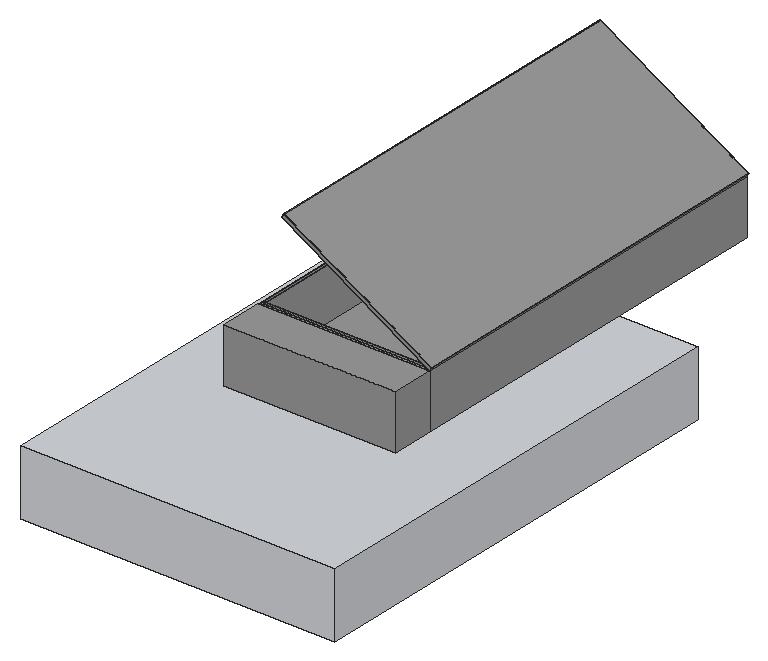
Revit family "Hager-Univers-IP55-D275-H2050-Cl.II-Steel_encl-PT-pt", category Equipement électrique, Revit 2020
Family settings
  Hôte = Face
  Configuration du panneau = Deux colonnes, circuits au sein
  Cote de connecteur circulaire = Utiliser le diamètre
  Type d'élément = Tableau de raccordement
  Couper avec des vides une fois chargée = Non
  Partagée = Non
  Point de calcul de pièce = Non
Parameters (values of type "Instalação de piso IP55 L800 A2050 P275  - FR23S2")
  Width Control [instance] = if([EF000008 - Largura] > Min Width, [EF000008 - Largura], Min Width)  # 800 mm
  Commentaires du type = [HG000003 - Gama]  # "Univers"
  Thickness Door [instance] = if([EF009171 - Espessura do material da porta/tampa] > 3 mm, 3 mm, [EF009171 - Espessura do material da porta/tampa])  # 1.5 mm
  Seal Frame Offset [instance] = 17 mm  # constant formula
  Plinth Visibility [instance] = [HG000027 - Altura da Plinta] > 0 mm  # yes
  Model = ""
  Min Width [instance] = 100 mm  # constant formula
  Min Height [instance] = 100 mm  # constant formula
  Min Depth [instance] = (2 * [EF009170 - Espessura do material do invólucro]) + 1 mm  # 4 mm
  Internal Frame Depth [instance] = (Door System Depth * 0.5)  # 9 mm
  Height Control [instance] = if([EF000040 - Altura] > Min Height, [EF000040 - Altura], Min Height)  # 2050 mm
  HG000027 - Altura da Plinta = 200 mm
  HG000026 - Instalação no chão = yes
  HG000024 - Altura da secção inferior = 800 mm
  HG000023 - Recinto de secção dupla = no
  HG000016 - Visibilidade da porta 3D [instance] = yes
  HG000015 - Visibilidade através da porta [instance] = no
  HG000014 - Porta à direita [instance] = yes
  HG000013 - Porta à esquerda [instance] = not([HG000014 - Porta à direita])  # no
  HG000012 - Ângulo de abertura de porta [instance] = 30.00°
  HG000010 - Portas assimétricas = no
  HG000009 - Porta dupla = no
  HG000006 - Encastrado = no
  HG000004 - Referência do Fabricante = "FR23S2"
  HG000003 - Gama = "Univers"
  HG000002 - Com porta ou tampa = yes
  Frame Offset Bottom [instance] = 10 mm  # constant formula
  Frame Offset [instance] = 15 mm  # constant formula
  EF015940 - Tampa com libertação de sobrepressão = no
  EF011959 - Grau de proteção (NEMA) = ""
  EF009554 - Número de aberturas para placas de flange = 6
  Fabricant = "Hager"  # constant formula
  EF009212 - Tipo de tampa = "EV000116 - Fechado"
  EF009171 - Espessura do material da porta/tampa = 1.5 mm
  EF009170 - Espessura do material do invólucro = 1.5 mm
  EF008873 - Corrente nominal (In) = 800 A
  EF007800 - Adequado para proteção contra raios = no
  EF006306 - Com fecho = no
  EF006244 - Tampa/porta transparente = no
  EF005474 - Grau de proteção (IP) = "EV006420 - IP55"
  EF004464 - Tipo de porta = "EV002646 - Único"
  EF004427 - Número de módulos = 432
  EF004293 - Força de impacto = "EV008784 - IK10"
  EF003532 - Adequado para uso no exterior = no
  EF002950 - Largura em número de módulos = 24
  EF001613 - Integridade do circuito = "EV000494 - Nenhum"
  EF001596 - Material do corpo = "EV000179 - Aço"
  EF001131 - Profundidade interior = 275 mm
  EF001088 - Extensão possível = yes
  EF000437 - Número de entradas de condutores = 6
  EF000339 - Tipo de difusor = "EV004216 - Porta"
  EF000266 - Número de linhas = 12
  EF000218 - Profundidade incorporada = 0 mm
  EF000118 - Com tampa de montagem = no
  EF000116 - Número RAL = "7035"
  EF000049 - Profundidade = 275 mm
  EF000040 - Altura = 2050 mm
  EF000008 - Largura = 800 mm
  EF000007 - Cor = "EV000270 - Cinzento"
  EF000003 - Método de montagem = "EV012274 - Instalação de piso"
  Door System Leaf Tolerance [instance] = 1.5 mm  # constant formula
  Door System Depth [instance] = 18 mm  # constant formula
  Door Height [instance] = Height Control - [HG000027 - Altura da Plinta]  # 1850 mm
  Depth Control [instance] = if([EF000049 - Profundidade] > Min Depth, [EF000049 - Profundidade], Min Depth)  # 275 mm
  Default Elevation = 0 mm
  Connector Offset [instance] = Height Control / 2  # 1025 mm
  Bottom Top Plate Trim [instance] = 1.5 mm  # constant formula
  Plinth height Ctrl [instance] = if([HG000027 - Altura da Plinta] > 0 mm, [HG000027 - Altura da Plinta], 12 mm)  # 200 mm
Types (11, lengths in mm): name | Width Control | HG000010 - Portas assimétricas | HG000009 - Porta dupla | HG000004 - Referência do Fabricante | EF009554 - Número de aberturas para placas de flange | EF006244 - Tampa/porta transparente | EF004464 - Tipo de porta | EF004427 - Número de módulos | EF000437 - Número de entradas de condutores | EF000008 - Largura
  Instalação de piso IP55 L1050 A2050 P275  - FR24L2 | 1050 | yes | yes | "FR24L2" | 8 | yes | "EV003602 - Duplo" | 576 | 8 | 1050
  Instalação de piso IP55 L1050 A2050 P275  - FR24S2 | 1050 | yes | yes | "FR24S2" | 8 | no | "EV003602 - Duplo" | 576 | 8 | 1050
  Instalação de piso IP55 L1300 A2050 P275  - FR25L2 | 1300 | yes | yes | "FR25L2" | 10 | yes | "EV003602 - Duplo" | 720 | 10 | 1300
  Instalação de piso IP55 L1300 A2050 P275  - FR25S2 | 1300 | yes | yes | "FR25S2" | 10 | no | "EV003602 - Duplo" | 720 | 10 | 1300
  Instalação de piso IP55 L1550 A2050 P275  - FR26L2 | 1550 | yes | yes | "FR26L2" | 12 | yes | "EV003602 - Duplo" | 864 | 12 | 1550
  Instalação de piso IP55 L1550 A2050 P275  - FR26S2 | 1550 | yes | yes | "FR26S2" | 12 | no | "EV003602 - Duplo" | 864 | 12 | 1550
  Instalação de piso IP55 L300 A2050 P275  - FR21S2 | 300 | no | no | "FR21S2" | 2 | no | "EV002646 - Único" | 144 | 2 | 300
  Instalação de piso IP55 L550 A2050 P275  - FR22L2 | 550 | no | no | "FR22L2" | 4 | yes | "EV002646 - Único" | 288 | 4 | 550
  Instalação de piso IP55 L550 A2050 P275  - FR22S2 | 550 | no | no | "FR22S2" | 4 | no | "EV002646 - Único" | 288 | 4 | 550
  Instalação de piso IP55 L800 A2050 P275  - FR23L2 | 800 | no | no | "FR23L2" | 6 | yes | "EV002646 - Único" | 432 | 6 | 800
  Instalação de piso IP55 L800 A2050 P275  - FR23S2 | 800 | no | no | "FR23S2" | 6 | no | "EV002646 - Único" | 432 | 6 | 800
Reference planes
  plane 1 "Center (Front/Back)": y = 0
  plane 2: z = 0
  plane 3 "Center (Left/Right)": x = 0
  plane 4: z = 275
  plane 5: y = 201.5
  plane 6: y = 1125
  plane 7: y = 200
  plane 8: y = 2050
  plane 9: z = 0
  plane 10: x = -385
  plane 11: x = 385
  plane 12: x = 383.5
  plane 13: x = -383.5
  plane 14: y = 2048.5
  plane 15: x = -383
  plane 16: x = -400
  plane 17: x = 383
  plane 18: x = 400
  plane 19: x = 398.5
  plane 20: x = -398.5
  plane 21: y = 211.5
  plane 22: y = 2050
  plane 23: y = 2033.5
  plane 24: z = 257
  plane 25: z = 1.5
  plane 26: z = 255.5
  plane 27: z = 273.5
Forms (mm)
  Extrusion 1, solid
    sketch origin (0, 0, 0) x (1, 0, 0) y (0, 1, 0)
      loop
        line (-702.964, 1305) -> (-702.964, -811.445) -> (766.763, -811.445) -> (766.763, 1305) -> (-702.964, 1305)
    from 0 to -304.8
  Extrusion 2, solid, material "Hager_Steel_RAL7035_Light_Grey", visible <- "Plinth Visibility", detail levels medium+fine
    sketch origin (0, 0, 0) x (1, 0, 0) y (0, 1, 0)
      loop
        line (-400, 0) -> (400, 0) -> (400, 200) -> (-400, 200) -> (-400, 0)
    from 0 to 257
  Extrusion 3, solid, material "Hager_Steel_RAL7035_Light_Grey", detail levels medium+fine
    sketch origin (0, 0, 0) x (1, 0, 0) y (0, 1, 0)
      loop
        line (-400, 200) -> (400, 200) -> (400, 2050) -> (-400, 2050) -> (-400, 200)
    from 0 to 257
  Extrusion 4, void
    sketch origin (0, 0, 0) x (1, 0, 0) y (0, 1, 0)
      loop
        line (-398.5, 201.5) -> (398.5, 201.5) -> (398.5, 2048.5) -> (-398.5, 2048.5) -> (-398.5, 201.5)
    from 1.5 to 255.5
  Extrusion 5, void
    sketch origin (-381.607, -4572, 257) x (0, -1, 0) y (-1, 0, 0)
      loop
        line (-4783.5, 1.893) -> (-6605.5, 1.893) -> (-6605.5, -765.107) -> (-4783.5, -765.107) -> (-4783.5, 1.893)
    from 0 to 1.5 <- "EF009170 - Espessura do material do invólucro"
  Extrusion 6, solid, material "Hager_Steel_RAL7035_Light_Grey", detail levels fine
    sketch origin (0, 0, 257) x (1, 0, 0) y (0, 1, 0)
      loop
        line (-383.5, 2033.5) -> (-383.5, 211.5) -> (383.5, 211.5) -> (383.5, 2033.5) -> (-383.5, 2033.5)
      loop
        line (-385, 210) -> (385, 210) -> (385, 2035) -> (-385, 2035) -> (-385, 210)
    from 0 to 9 <- "Internal Frame Depth"
  Extrusion 7, solid, material "Hager_Steel_RAL7035_Light_Grey", detail levels coarse
    sketch origin (0, 0, 0) x (1, 0, 0) y (0, 1, 0)
      loop
        line (-400, 0) -> (400, 0) -> (400, 2050) -> (-400, 2050) -> (-400, 0)
    from 0 to 275
  Sweep 8, void
    path in 3D
      loop
        line (-400, 200, 0) -> (400, 200, 0) -> (400, 200, 257) -> (-400, 200, 257) -> (-400, 200, 0)
    profile origin (-400, 200, 128.5) x (-1, 0, 0) y (0, -1, 0)
      loop
        line (0, 0) -> (0, 1.5) -> (-1.5, 1.5)
        arc (-1.5, 1.5) -> (-1.061, 0.439) -> (0, 0) r 1.5
Cuts and joins
  Extrusion 4, Extrusion 5 cuts Extrusion 3
  Sweep 8 cuts Extrusion 2
Lines and regions (mm)
  Masking region 1
    outline origin (0, 0, 0) x (1, 0, 0) y (0, 0, 1)
      loop
        line (-400, 275) -> (-400, 0) -> (400, 0) -> (400, 275) -> (-400, 275)
  Masking region 2, detail levels medium+fine
    outline origin (0, 140, 0) x (0, 1, 0) y (0, 0, 1)
      loop
        line (60, 0) -> (1910, 0) -> (1910, 257) -> (60, 257) -> (60, 0)
  Masking region 3, not visible, detail levels medium+fine
    outline origin (0, 297.922, 0) x (0, 1, 0) y (0, 0, 1)
      loop
        line (838.578, 0) -> (878.578, 0) -> (878.578, 263.5)
        arc (878.578, 263.5) -> (875.649, 270.571) -> (868.578, 273.5) r 10
        line (868.578, 273.5) -> (838.578, 273.5) -> (838.578, 0)
  Masking region 4, detail levels coarse
    outline origin (0, 0, 180) x (0, 1, 0) y (0, 0, 1)
      loop
        line (0, -180) -> (2050, -180) -> (2050, 95) -> (0, 95) -> (0, -180)
  Masking region 5, visible <- "Plinth Visibility", detail levels medium+fine
    outline origin (0, 52.24, 12.345) x (0, 0, -1) y (0, 1, 0)
      loop
        line (10.845, 147.76) -> (-243.155, 147.76)
        arc (-243.155, 147.76) -> (-243.594, 146.699) -> (-244.655, 146.26) r 1.5
        line (-244.655, 146.26) -> (-244.655, -52.24) -> (12.345, -52.24) -> (12.345, 146.26)
        arc (12.345, 146.26) -> (11.285, 146.699) -> (10.845, 147.76) r 1.5
  Masking region 6, detail levels medium+fine
    outline origin (-381.607, -4572, 257) x (-1, 0, 0) y (0, -1, 0)
      loop
        line (18.393, -6622) -> (18.393, -4772) -> (-781.607, -4772) -> (-781.607, -6622) -> (18.393, -6622)
  Masking region 7, visible <- "Plinth Visibility", detail levels medium+fine
    outline origin (-381.607, -4727, 257) x (-1, 0, 0) y (0, -1, 0)
      loop
        arc (16.893, -4927) -> (17.332, -4925.939) -> (18.393, -4925.5) r 1.5
        line (18.393, -4925.5) -> (18.393, -4727) -> (-781.607, -4727) -> (-781.607, -4925.5)
        arc (-781.607, -4925.5) -> (-780.546, -4925.939) -> (-780.107, -4927) r 1.5
        line (-780.107, -4927) -> (16.893, -4927)
  Masking region 8, detail levels coarse
    outline origin (-442.548, -4669.526, 257) x (-1, 0, 0) y (0, -1, 0)
      loop
        line (-42.548, -6719.526) -> (-42.548, -4669.526) -> (-842.548, -4669.526) -> (-842.548, -6719.526) -> (-42.548, -6719.526)
  sketch lines
    curve 1: line (-400, 200, 257) -> (-400, 200, 0)
    curve 2: line (400, 200, 257) -> (-400, 200, 257)
    curve 3: line (400, 200, 257) -> (400, 200, 0)
    curve 4: line (-400, 200, 0) -> (400, 200, 0)
Dimensions and locks
  "Depth Control": plane 4 to Extrusion 1
  "HG000027 - Altura da Plinta": plane 1 "Center (Front/Back)" to plane 7
  "EF009170 - Espessura do material do invólucro": plane 5 to plane 7
  locked: connector elem to plane 3 "Center (Left/Right)"
  equal spacing: plane 8, plane 6, plane 7
  locked: connector elem to plane 6
  "EF009170 - Espessura do material do invólucro": plane 8 to plane 14
  "EF009170 - Espessura do material do invólucro": plane 10 to plane 13
  "EF009170 - Espessura do material do invólucro": plane 12 to plane 11
  "Frame Offset": plane 20 to plane 13
  "Frame Offset": plane 12 to plane 19
  "EF009170 - Espessura do material do invólucro": plane 16 to plane 20
  "EF009170 - Espessura do material do invólucro": plane 19 to plane 18
  "Seal Frame Offset": plane 16 to plane 15
  "Seal Frame Offset": plane 17 to plane 18
  "Frame Offset Bottom": plane 21 to plane 5
  "Frame Offset": plane 14 to plane 23
  equal spacing: plane 16, plane 3 "Center (Left/Right)", plane 18
  "Width Control": plane 16 to plane 18
  "EF009170 - Espessura do material do invólucro": plane 4 to plane 27
  "EF009170 - Espessura do material do invólucro": plane 24 to plane 26
  "EF009170 - Espessura do material do invólucro": plane 25 to level
  "Door System Depth": plane 4 to plane 24
  "Height Control": plane 1 "Center (Front/Back)" to Extrusion 7 sketch curve
  "Height Control": Masking region 4 sketch curve to plane 1 "Center (Front/Back)"
  "Height Control": plane 1 "Center (Front/Back)" to plane 22
  "Bottom Top Plate Trim": profile plane to Sweep 8 sketch curve
  "Bottom Top Plate Trim": Sweep 8 sketch curve to profile plane
  "Plinth height Ctrl": plane 1 "Center (Front/Back)" to Extrusion 2 sketch curve
  "Plinth height Ctrl": Masking region 5 sketch curve to plane 1 "Center (Front/Back)"
  "Plinth height Ctrl": plane 1 "Center (Front/Back)" to Masking region 7 sketch curve
  "Thickness Door": Extrusion 6 sketch curve to Extrusion 6 sketch curve  (x3)
  "Thickness Door": cut or joined group of Extrusion 3, Extrusion 4, Extrusion 5 to Extrusion 6 sketch curve
  radius of Masking region 3 sketch curve = 10 mm
  "Bottom Top Plate Trim": radius of Masking region 5 sketch curve  (x2)
  "Bottom Top Plate Trim": radius of Sweep 8 sketch curve
  "Bottom Top Plate Trim": radius of Masking region 7 sketch curve  (x2)
  aligned and locked: plane 2 to Extrusion 1
  aligned and locked: level to Extrusion 1
  aligned and locked: level to Masking region 1 sketch curve
  aligned and locked: Masking region 1 sketch curve to plane 18
  aligned and locked: Masking region 1 sketch curve to plane 16
  aligned and locked: plane 7 to Masking region 2 sketch curve
  aligned and locked: level to Masking region 3 sketch curve
  aligned and locked: Masking region 3 sketch curve to plane 27
  aligned and locked: level to Masking region 2 sketch curve
  aligned and locked: plane 1 "Center (Front/Back)" to Extrusion 2 sketch curve
  aligned and locked: Extrusion 3 sketch curve to plane 7
  aligned and locked: plane 16 to Extrusion 3 sketch curve
  aligned and locked: plane 18 to Extrusion 3 sketch curve
  aligned and locked: plane 20 to Extrusion 4 sketch curve
  aligned and locked: plane 19 to Extrusion 4 sketch curve
  aligned and locked: Extrusion 4 sketch curve to plane 5
  aligned and locked: Extrusion 4 to plane 25
  aligned and locked: plane 26 to Extrusion 4
  aligned and locked: plane 24 to Extrusion 3
  aligned and locked: Extrusion 5 sketch curve to plane 21
  aligned and locked: Extrusion 5 sketch curve to plane 13
  aligned and locked: Extrusion 5 sketch curve to plane 12
  aligned and locked: plane 18 to Extrusion 7 sketch curve
  aligned and locked: plane 1 "Center (Front/Back)" to Extrusion 7 sketch curve
  aligned and locked: plane 16 to Extrusion 7 sketch curve
  aligned and locked: plane 4 to Extrusion 7
  aligned and locked: Extrusion 7 to level
  aligned and locked: level to Masking region 4 sketch curve
  aligned and locked: Masking region 4 sketch curve to plane 1 "Center (Front/Back)"
  aligned and locked: Masking region 4 sketch curve to plane 4
  aligned and locked: nested 1 to level
  aligned and locked: nested 1 to plane 16
  aligned and locked: plane 8 to Extrusion 3 sketch curve
  aligned and locked: plane 23 to Extrusion 5 sketch curve
  aligned and locked: plane 14 to Extrusion 4 sketch curve
  aligned and locked: Masking region 2 sketch curve to plane 8
  aligned and locked: level to Masking region 5 sketch curve
  aligned and locked: plane 16 to Extrusion 2 sketch curve
  aligned and locked: plane 18 to Extrusion 2 sketch curve
  aligned and locked: Masking region 5 sketch curve to plane 24
  aligned and locked: Masking region 2 sketch curve to plane 24
  aligned and locked: plane 24 to Extrusion 2
  aligned and locked: profile plane to Sweep 8 sketch curve  (x2)
  aligned and locked: Masking region 6 sketch curve to plane 18
  aligned and locked: Masking region 6 sketch curve to plane 22
  aligned and locked: Masking region 6 sketch curve to plane 16
  aligned and locked: plane 8 to plane 22
  aligned and locked: Masking region 6 sketch curve to plane 7
  aligned and locked: Masking region 7 sketch curve to plane 16
  aligned and locked: Masking region 7 sketch curve to plane 1 "Center (Front/Back)"
  aligned and locked: Masking region 7 sketch curve to plane 18
  aligned and locked: Masking region 8 sketch curve to plane 1 "Center (Front/Back)"
  aligned and locked: Masking region 8 sketch curve to plane 18
  aligned and locked: Masking region 8 sketch curve to plane 22
  aligned and locked: Masking region 8 sketch curve to plane 16
  aligned and locked: nested 2 to plane 7
  aligned and locked: plane 3 "Center (Left/Right)" to nested 2
  aligned and locked: nested 2 to plane 24
  aligned and locked: Extrusion 6 sketch curve to cut or joined group of Extrusion 3, Extrusion 4, Extrusion 5  (x4)
Automatic sketch dimensions
  Extrusion 1 sketch curve to Extrusion 1 sketch curve = 1469.727 mm
  Extrusion 1 sketch curve to Extrusion 1 sketch curve = 2116.445 mm
  Masking region 1 sketch curve to plane 4 = 0 mm
  plane 6 to Masking region 3 sketch curve = 11.5 mm
  Masking region 3 sketch curve to Masking region 3 sketch curve = 30 mm
  Masking region 5 sketch curve to plane 1 "Center (Front/Back)" = 0 mm
Nested families
  nested 1: "Hager_Enclosure_Symbol" at (-400, 0, 0) x (1, 0, 0) z (0, -1, 0), Height <- "Depth Control", Width <- "Width Control", type "Hager_Enclosure_Symbol"
    with Width_Ctrl 800 mm, Width 800 mm, Height_Ctrl 275 mm, Height 275 mm, A_Width_Int 18.047 mm, A_Width 216.562 mm, A_Height_Ctrl 240.625 mm, A_Height 240.625 mm
  nested 2: "EC000058_Univers_Door" at (0, 200, 257) x (1, 0, 0) z (0, 1, 0), Leaf_Tolerance <- "Door System Leaf Tolerance", Angle <- "HG000012 - Ângulo de abertura de porta", Door_Depth <- "Door System Depth", Door_Left <- "HG000013 - Porta à esquerda", Transparent <- "EF006244 - Tampa/porta transparente", Assymetrical <- "HG000010 - Portas assimétricas", Width <- "Width Control", Clearance <- "HG000015 - Visibilidade através da porta", Double <- "HG000009 - Porta dupla", 3d_Door <- "HG000016 - Visibilidade da porta 3D", Lock_Visibility <- "EF006306 - Com fecho", Width_Ctrl <- "Width Control", Door_Right <- "HG000014 - Porta à direita", Door <- "HG000002 - Com porta ou tampa", Height <- "Door Height", Thickness <- "Thickness Door", type "EC000058_Univers_Door", detail levels medium+fine
    with min_wh 4 mm, Width_Ctrl 800 mm, Width 800 mm, Transparent no, Thickness 1.5 mm, Seal_Material Hager_Rubber, Lock_Visibility no, Lock_Material Hager_Plastic_RAL9005_Jet_Black, Leaf_Width 800 mm, Leaf_Tolerance_External_Sides 0 mm, Leaf_Tolerance 1.5 mm, Leaf_Offset 0 mm, Leaf_Height 1847 mm, Leaf_2_Width 800 mm, Leaf_2_Offset 400 mm, Leaf_1_Width 800 mm, Leaf_1_Offset 400 mm, Height_Ctrl 1850 mm, Height 1850 mm, Glass_Material Hager_Glass, Double_Clearance_Ctrl no, Double no, Door_Right_Ctrl yes, Door_Right yes, Door_Material Hager_Steel_RAL7035_Light_Grey, Door_Left_Ctrl no, Door_Left no, Door_Depth 18 mm, Door yes, Clearance_Material Hager_Clearance, Clearance_Depth 800 mm, Clearance_Ctrl no, Clearance no, Assymetrical no, Angle 30.00°, 3d_Door yes
Connectors
  electrical at (0, 1125, 0)
    settings: on plane 9, index 1, voltage 0 V, apparent load 0 VA, apparent load phase1 0 VA, apparent load phase2 0 VA, apparent load phase3 0 VA, power factor 1, load classification "Other", number of poles 1, system type 30, power factor state 1, is connector primary yes, connector utility no, sub classification motor no, connector description ""
Definition of nested family "EC000058_Univers_Door"
  Parameters (values of type "EC000058_Univers_Door")
    min_wh [instance] = (2 * Thickness) + 1 mm  # 11 mm
    Width_Ctrl [instance] = 400 mm
    Width [instance] = 500 mm
    Transparent [instance] = yes
    Thickness [instance] = 5 mm
    Seal_Material [instance] = none
    Lock_Visibility [instance] = yes
    Lock_Material [instance] = none
    Leaf_Width [instance] = if((Width_Ctrl - 2 * Leaf_Tolerance_External_Sides) > 0 mm, (Width_Ctrl - 2 * Leaf_Tolerance_External_Sides), min_wh)  # 400 mm
    Leaf_Tolerance_External_Sides [instance] = 0 mm  # constant formula
    Leaf_Tolerance [instance] = 1.5 mm
    Leaf_Offset [instance] = 0 mm  # constant formula
    Leaf_Height [instance] = if((Height_Ctrl - 2 * Leaf_Tolerance) > 0 mm, (Height_Ctrl - 2 * Leaf_Tolerance), min_wh)  # 497 mm
    Leaf_2_Width [instance] = if(and(and(Double, Assymetrical), Door_Left), (Leaf_Width / 3) - (Leaf_Tolerance / 2), if(and(and(Double, Assymetrical), Door_Right), (Leaf_Width / 3) * 2 - (Leaf_Tolerance / 2), if(and(Double, not(Assymetrical)), (Leaf_Width / 2) - Leaf_Tolerance, Leaf_Width)))  # 400 mm
    Leaf_2_Offset [instance] = if(and(Double, Assymetrical), Leaf_2_Width / 2, if(and(Double, not(Assymetrical)), Leaf_Width / 4, Leaf_Width / 2))  # 200 mm
    Leaf_1_Width [instance] = if(and(and(Double, Assymetrical), Door_Right), (Leaf_Width / 3) - (Leaf_Tolerance / 2), if(and(and(Double, Assymetrical), Door_Left), (Width / 3) * 2 - (Leaf_Tolerance / 2), if(and(Double, not(Assymetrical)), (Leaf_Width / 2) - Leaf_Tolerance, Leaf_Width)))  # 400 mm
    Leaf_1_Offset [instance] = if(and(Double, Assymetrical), Leaf_1_Width / 2, if(and(Double, not(Assymetrical)), Leaf_Width / 4, Leaf_Width / 2))  # 200 mm
    Height_Ctrl [instance] = if(Height > min_wh, Height, min_wh)  # 500 mm
    Height [instance] = 500 mm
    Glass_Material [instance] = none
    Double_Clearance_Ctrl [instance] = and(Double, Clearance)  # no
    Double [instance] = no
    Door_Right_Ctrl [instance] = and(or(Door_Right, Double), Door)  # yes
    Door_Right [instance] = yes
    Door_Material [instance] = none
    Door_Left_Ctrl [instance] = and(or(Door_Left, Double), Door)  # no
    Door_Left [instance] = no
    Door_Depth [instance] = 30 mm
    Door [instance] = yes
    Default Elevation = 1219.2 mm
    Clearance_Material [instance] = none
    Clearance_Depth [instance] = if(Leaf_1_Width > Leaf_2_Width, Leaf_1_Width, Leaf_2_Width)  # 400 mm
    Clearance_Ctrl [instance] = and(not(Double), Clearance)  # yes
    Clearance [instance] = yes
    Assymetrical [instance] = yes
    Angle [instance] = 30.00°
    3d_Door [instance] = yes
  Reference planes
    plane 1 "Center (Front/Back)": y = 0
    plane 2 "Bottom": z = 0
    plane 3 "Center (Left/Right)": x = 0
    plane 4: z = 500
    plane 5: x = -200
    plane 6: x = 200
    plane 7: z = 500
    plane 8: x = -200
    plane 9: z = 0
    plane 10: x = 200
    plane 11: y = 0
    plane 12: z = 1.5
    plane 13: x = -600
    plane 14: y = -400
    plane 15: x = 600
    plane 16: x = 0
    plane 17: x = 0
    plane 18: x = -200
    plane 19: x = 200
    plane 20: z = 498.5
  Forms (mm)
    Extrusion 1, solid, material <- "Clearance_Material", visible <- "Double_Clearance_Ctrl"
      sketch origin (1200, 0, 0) x (1, 0, 0) y (0, 0, -1)
        loop
          line (-1800, -498.5) -> (-600, -498.5) -> (-600, 0) -> (-1800, 0) -> (-1800, -498.5)
      from 0 to -400
  Dimensions and locks
    equal spacing: plane 5, plane 3 "Center (Left/Right)", plane 6
    "Width_Ctrl": plane 5 to plane 6
    "Leaf_Offset": plane 5 to plane 8
    "Leaf_Offset": plane 6 to plane 10
    "Leaf_Offset": plane 9 to level
    "Leaf_Offset": plane 4 to plane 7
    "Height_Ctrl": plane 4 to level
    "Leaf_Tolerance": plane 12 to plane 9
    locked: plane 11 to plane 1 "Center (Front/Back)"
    "Leaf_1_Offset": plane 18 to plane 16
    "Leaf_2_Offset": plane 17 to plane 19
    "Leaf_1_Width": plane 13 to plane 8
    "Leaf_2_Width": plane 10 to plane 15
    "Clearance_Depth": plane 14 to plane 1 "Center (Front/Back)"
    "Leaf_Tolerance_External_Sides": plane 8 to plane 18
    "Leaf_Tolerance_External_Sides": plane 19 to plane 10
    "Leaf_Tolerance": plane 7 to plane 20
    aligned and locked: level to plane 2 "Bottom"
    aligned and locked: nested 1 to plane 16
    aligned and locked: nested 2 to plane 17
    aligned and locked: Extrusion 1 to plane 13
    aligned and locked: plane 15 to Extrusion 1
    aligned and locked: Extrusion 1 to plane 14
    aligned and locked: plane 12 to nested 1
    aligned and locked: nested 2 to plane 12
    aligned and locked: Extrusion 1 to plane 11
    aligned and locked: plane 20 to Extrusion 1
    aligned and locked: nested 2 to plane 11
    aligned and locked: nested 1 to plane 11
  Automatic sketch dimensions
    Extrusion 1 sketch curve to level = 0 mm
    plane 5 to Extrusion 1 sketch curve = 400 mm
    plane 6 to Extrusion 1 sketch curve = 400 mm
    Extrusion 1 sketch curve to plane 4 = 1.5 mm
  Nested families
    nested 1: "EC000058_Univers_Door_Leaf" at (0, 0, 1.5), Width <- "Leaf_1_Width", visible <- "Door_Left_Ctrl", Leaf_Height <- "Leaf_Height", Angle <- "Angle", 3d_Door <- "3d_Door", Transparent <- "Transparent", Clearance Material <- "Clearance_Material", Clearance <- "Clearance_Ctrl", Door_Material <- "Door_Material", Glass_Material <- "Glass_Material", Door_Depth <- "Door_Depth", Lock_Material <- "Lock_Material", Seal_Material <- "Seal_Material", Lock_Visibility <- "Lock_Visibility", Thickness <- "Thickness", type "EC000058_Univers_Door_Leaf"
      with Width 400 mm, Transparent_Glass_Offset 30 mm, Transparent_Ctrl yes, Transparent yes, Thickness 5 mm, Standard no, Seal_Material none, Seal_D2 8 mm, Seal_D1 1 mm, Offset_Internal_Frame 10 mm, Lock_Width 20 mm, Lock_Visibility_3d yes, Lock_Visibility yes, Lock_Thickness_3 3 mm, Lock_Thickness_2 1 mm, Lock_Thickness_1 3 mm, Lock_Radius_Offset_2 16 mm, Lock_Radius_Offset_1 15 mm, Lock_Radius_2 5 mm, Lock_Radius 6 mm, Lock_Offset 5 mm, Lock_Material none, Lock_Height 80 mm, Lock_Cover_Top_Offset_2d 17 mm, Lock_Cover_Height -65 mm, Leaf_Height 497 mm, Internal_Seal_Thickness 8 mm, Internal_Seal_Depth_2 4.5 mm, Internal_Frame_Depth 25 mm, Glass_Thickness -1 mm, Glass_Offset -2 mm, Glass_Material none, Door_Material none, Door_Depth 30 mm, Clearance Material none, Clearance yes, Angle_Ctrl 30.00°, Angle 30.00°, 3d_Door yes
    nested 2: "EC000058_Univers_Door_Leaf" at (0, 0, 1.5) x (-1, 0, 0) z (0, 0, 1), Width <- "Leaf_2_Width", visible <- "Door_Right_Ctrl", Leaf_Height <- "Leaf_Height", Angle <- "Angle", 3d_Door <- "3d_Door", Transparent <- "Transparent", Clearance Material <- "Clearance_Material", Clearance <- "Clearance_Ctrl", Door_Material <- "Door_Material", Glass_Material <- "Glass_Material", Door_Depth <- "Door_Depth", Lock_Material <- "Lock_Material", Seal_Material <- "Seal_Material", Lock_Visibility <- "Lock_Visibility", Thickness <- "Thickness", type "EC000058_Univers_Door_Leaf"
      with Width 400 mm, Transparent_Glass_Offset 30 mm, Transparent_Ctrl yes, Transparent yes, Thickness 5 mm, Standard no, Seal_Material none, Seal_D2 8 mm, Seal_D1 1 mm, Offset_Internal_Frame 10 mm, Lock_Width 20 mm, Lock_Visibility_3d yes, Lock_Visibility yes, Lock_Thickness_3 3 mm, Lock_Thickness_2 1 mm, Lock_Thickness_1 3 mm, Lock_Radius_Offset_2 16 mm, Lock_Radius_Offset_1 15 mm, Lock_Radius_2 5 mm, Lock_Radius 6 mm, Lock_Offset 5 mm, Lock_Material none, Lock_Height 80 mm, Lock_Cover_Top_Offset_2d 17 mm, Lock_Cover_Height -65 mm, Leaf_Height 497 mm, Internal_Seal_Thickness 8 mm, Internal_Seal_Depth_2 4.5 mm, Internal_Frame_Depth 25 mm, Glass_Thickness -1 mm, Glass_Offset -2 mm, Glass_Material none, Door_Material none, Door_Depth 30 mm, Clearance Material none, Clearance yes, Angle_Ctrl 30.00°, Angle 30.00°, 3d_Door yes
  Definition of nested family "EC000058_Univers_Door_Leaf"
    Parameters (values of type "EC000058_Univers_Door_Leaf")
      Width [instance] = 2000 mm
      Transparent_Glass_Offset [instance] = 30 mm
      Transparent_Ctrl [instance] = and(Transparent, [3d_Door])  # yes
      Transparent [instance] = yes
      Thickness [instance] = 5 mm
      Standard [instance] = and(not(Transparent), [3d_Door])  # no
      Seal_Material [instance] = none
      Seal_D2 [instance] = 8 mm  # constant formula
      Seal_D1 [instance] = 1 mm  # constant formula
      Offset_Internal_Frame [instance] = 10 mm  # constant formula
      Lock_Width [instance] = 20 mm  # constant formula
      Lock_Visibility_3d [instance] = and(Lock_Visibility, [3d_Door])  # yes
      Lock_Visibility [instance] = yes
      Lock_Thickness_3 [instance] = 3 mm  # constant formula
      Lock_Thickness_2 [instance] = 1 mm  # constant formula
      Lock_Thickness_1 [instance] = 3 mm  # constant formula
      Lock_Radius_Offset_2 [instance] = Lock_Radius_Offset_1 + 1 mm  # 16 mm
      Lock_Radius_Offset_1 [instance] = 15 mm  # constant formula
      Lock_Radius_2 [instance] = Lock_Radius - 1 mm  # 5 mm
      Lock_Radius [instance] = 6 mm  # constant formula
      Lock_Offset [instance] = 5 mm  # constant formula
      Lock_Material [instance] = none
      Lock_Height [instance] = 80 mm  # constant formula
      Lock_Cover_Top_Offset_2d [instance] = Lock_Radius_Offset_2 + 1 mm  # 17 mm
      Lock_Cover_Height [instance] = -(Lock_Height - Lock_Radius_Offset_1)  # -65 mm
      Leaf_Height [instance] = 2720.336 mm
      Internal_Seal_Thickness [instance] = 8 mm  # constant formula
      Internal_Seal_Depth_2 [instance] = 4.5 mm  # constant formula
      Internal_Frame_Depth [instance] = if(Door_Depth - Thickness > 5 mm, Door_Depth - Thickness, 5 mm)  # 25 mm
      Glass_Thickness [instance] = if(Thickness > 15 mm, Glass_Offset + 10 mm, -1 mm)  # -1 mm
      Glass_Offset [instance] = if(Thickness > 15 mm, -(Thickness + 10 mm) / 2, -2 mm)  # -2 mm
      Glass_Material [instance] = none
      Door_Material [instance] = none
      Door_Depth [instance] = 30 mm
      Default Elevation = 0 mm
      Clearance Material [instance] = none
      Clearance [instance] = yes
      Angle_Ctrl [instance] = if(Angle > 180.00°, 180.00°, Angle)  # 90.00°
      Angle [instance] = 90.00°
      3d_Door [instance] = yes
    Reference planes
      plane 1 "Center (Front/Back)": y = 0
      plane 2: z = 0
      plane 3 "Center (Left/Right)": x = 0
      plane 4: y = 2000
      plane 5: x = -1000
      plane 6: x = 1000
      plane 7: x = -3000
      plane 8: z = 2720.336
      plane 9: z = 30
      plane 10: z = 2690.336
      plane 11: x = 970
      plane 12: x = -970
      plane 13: y = -3
      plane 14: z = 107.833
      plane 15: y = -5
      plane 16: y = -223.314
      plane 17: x = -1000
      plane 18: z = 1360.168
      plane 19: y = 30
    Forms (mm)
      Extrusion 1, solid, material <- "Clearance Material", visible <- "Clearance"
        sketch origin (0, 0, 0) x (1, 0, 0) y (0, 0, 1)
          loop
            line (-3000, 2720.336) -> (-3000, 0) -> (1000, 0) -> (1000, 2720.336) -> (-3000, 2720.336)
        from 0 to -2000
      Extrusion 2, solid, material <- "Door_Material", visible <- "Standard", detail levels medium+fine
        sketch origin (-1000, 0, 0) x (0, 1, 0) y (-1, 0, 0)
          loop
            line (0, 30) -> (0, 25) -> (2000, 25) -> (2000, 30) -> (0, 30)
        from 0 to 2720.336 <- "Leaf_Height"
      Extrusion 3, solid, material <- "Door_Material", visible <- "Transparent_Ctrl", detail levels medium+fine
        sketch origin (-1000, 0, 0) x (0, 1, 0) y (-1, 0, 0)
          loop
            line (0, 25) -> (2000, 25) -> (2000, 30) -> (0, 30) -> (0, 25)
        from 0 to 2720.336 <- "Leaf_Height"
      Extrusion 4, void
        sketch origin (-1025, 2000, 0) x (0, 1, 0) y (0, 0, -1)
          loop
            line (-30, -2690.336) -> (-30, -30) -> (-1970, -30) -> (-1970, -2690.336) -> (-30, -2690.336)
        from 0 to 5 <- "Thickness"
      Sweep 5, solid, material <- "Seal_Material", visible <- "Transparent_Ctrl", detail levels fine
        path in 3D
          loop
            line (-1025, 30, 30) -> (-1025, 30, 2690.336) -> (-1025, 1970, 2690.336) -> (-1025, 1970, 30) -> (-1025, 30, 30)
        profile origin (-1025, 1000, 30) x (1, 0, 0) y (0, 0, 1)
          loop
            line (0, 0) -> (0, -8) -> (1, -8) -> (1, 0) -> (0, 0)
      Extrusion 6, solid, material <- "Glass_Material", visible <- "Transparent_Ctrl", detail levels medium+fine
        sketch origin (-1030, 0, 0) x (0, 1, 0) y (0, 0, -1)
          loop
            line (1970, -2690.336) -> (1970, -30) -> (30, -30) -> (30, -2690.336) -> (1970, -2690.336)
        from -2 <- "Glass_Offset" to -1 <- "Glass_Thickness"
      Extrusion 7, solid, material <- "Door_Material", visible <- "3d_Door", detail levels medium+fine
        sketch origin (-1025, 2000, 0) x (0, -1, 0) y (0, 0, -1)
          loop
            line (0, -2720.336) -> (2000, -2720.336) -> (2000, 0) -> (0, 0) -> (0, -2720.336)
          loop
            line (1995, -5) -> (5, -5) -> (5, -2715.336) -> (1995, -2715.336) -> (1995, -5)
        from 0 to 25 <- "Internal_Frame_Depth"
      Sweep 8, solid, material <- "Seal_Material", visible <- "Transparent_Ctrl", detail levels fine
        path in 3D
          loop
            line (-1025, 0, 0) -> (-1025, 2000, 0) -> (-1025, 2000, 2720.336) -> (-1025, 0, 2720.336) -> (-1025, 0, 0)
        profile origin (-1025, 0, 1360.168) x (1, 0, 0) y (0, 1, 0)
          loop
            line (0, 10) -> (2.975, 10)
            arc (2.975, 10) -> (4.053, 10.447) -> (4.5, 11.525) r 1.525
            line (4.5, 11.525) -> (4.5, 16.527)
            arc (4.5, 16.527) -> (4.069, 17.569) -> (3.027, 18) r 1.473
            line (3.027, 18) -> (0, 18) -> (0, 10)
      Extrusion 9, solid, material <- "Lock_Material", visible <- "Lock_Visibility_3d", detail levels fine
        sketch origin (-1030, 0, 0) x (0, 1, 0) y (0, 0, -1)
          loop
            arc (1993.5, -1400.168) -> (1994.561, -1399.729) -> (1995, -1398.668) r 1.5
            line (1995, -1398.668) -> (1995, -1320.168) -> (1975, -1320.168) -> (1975, -1398.668)
            arc (1975, -1398.668) -> (1975.439, -1399.729) -> (1976.5, -1400.168) r 1.5
            line (1976.5, -1400.168) -> (1993.5, -1400.168)
        from 3 <- "Lock_Thickness_1" to 0
      Blend 10, solid, material <- "Lock_Material", visible <- "Lock_Visibility_3d", detail levels fine
        base sketch origin (-1033, 0, 0) x (0, 1, 0) y (0, 0, -1)
          loop
            line (1975, -1320.168) -> (1975, -1398.668)
            arc (1975, -1398.668) -> (1975.439, -1399.729) -> (1976.5, -1400.168) r 1.5
            line (1976.5, -1400.168) -> (1993.5, -1400.168)
            arc (1993.5, -1400.168) -> (1994.561, -1399.729) -> (1995, -1398.668) r 1.5
            line (1995, -1398.668) -> (1995, -1320.168) -> (1975, -1320.168)
        top sketch origin (-1033, 0, 0) x (0, 1, 0) y (0, 0, -1)
          loop
            line (1976, -1320.168) -> (1976, -1398.668)
            arc (1976, -1398.668) -> (1976.146, -1399.022) -> (1976.5, -1399.168) r 0.5
            line (1976.5, -1399.168) -> (1993.5, -1399.168)
            arc (1993.5, -1399.168) -> (1993.854, -1399.022) -> (1994, -1398.668) r 0.5
            line (1994, -1398.668) -> (1994, -1320.168) -> (1976, -1320.168)
        from 0 to 1 <- "Lock_Thickness_2"
      Blend 11, solid, material <- "Lock_Material", visible <- "Lock_Visibility_3d", detail levels fine
        base sketch origin (-1034, 0, 0) x (0, 1, 0) y (0, 0, -1)
          loop
            line (1978, -1320.168) -> (1978, -1384.168)
            arc (1978, -1384.168) -> (1985, -1391.168) -> (1992, -1384.168) r 7
            line (1992, -1384.168) -> (1992, -1320.168) -> (1978, -1320.168)
        top sketch origin (-1034, 0, 0) x (0, 1, 0) y (0, 0, -1)
          loop
            line (1991, -1320.168) -> (1979, -1320.168) -> (1979, -1383.168)
            arc (1979, -1383.168) -> (1985, -1389.168) -> (1991, -1383.168) r 6
            line (1991, -1383.168) -> (1991, -1320.168)
        from 0 to 3 <- "Lock_Thickness_3"
      Extrusion 12, solid, material <- "Lock_Material", visible <- "Lock_Visibility_3d", detail levels fine
        sketch origin (-1030, 1975, 1320.168) x (1, 0, 0) y (0, -1, 0)
          loop
            line (-7, -19) -> (-7, -1) -> (0, -1) -> (0, 0) -> (-8, 0) -> (-8, -20) -> (0, -20) -> (0, -19) -> (-7, -19)
        from 0 to -65 <- "Lock_Cover_Height"
      Extrusion 13, void
        sketch origin (-1038, 1995, 1320.168) x (-1, 0, 0) y (0, 0, -1)
          loop
            line (-5, -65) -> (0, -65) -> (-5, -60) -> (-5, -65)
        from 0 to 20 <- "Lock_Width"
      Extrusion 14, void
        sketch origin (-1038, 1975, 1320.168) x (0, -1, 0) y (0, 0, -1)
          loop
            circle (-10, -15.995) r 6
          loop
            circle (-10, -15.995) r 5
        from 0 to 2
      Extrusion 15, solid, material <- "Lock_Material", visible <- "Lock_Visibility_3d", detail levels medium
        sketch origin (-1030, 0, 0) x (0, 1, 0) y (0, 0, -1)
          loop
            arc (1993.5, -1400.168) -> (1994.561, -1399.729) -> (1995, -1398.668) r 1.5
            line (1995, -1398.668) -> (1995, -1320.168) -> (1975, -1320.168) -> (1975, -1398.668)
            arc (1975, -1398.668) -> (1975.439, -1399.729) -> (1976.5, -1400.168) r 1.5
            line (1976.5, -1400.168) -> (1993.5, -1400.168)
        from 8 to 0
    Cuts and joins
      Extrusion 4 cuts Extrusion 3
      Extrusion 13, Extrusion 14 cuts Extrusion 9
      Extrusion 14 cuts Blend 11
      Extrusion 13, Extrusion 14 cuts Extrusion 12
      joined: Extrusion 9, Blend 10, Blend 11, Extrusion 12
      Extrusion 14 cuts Extrusion 15
    Lines and regions (mm)
      Masking region 1, visible <- "Lock_Visibility", detail levels fine
        outline origin (0, 0, 0) x (0, 1, 0) y (0, 0, 1)
          loop
            line (30, 1320.168) -> (33, 1320.168) -> (33, 1400.168) -> (30, 1400.168) -> (30, 1320.168)
      Masking region 2, visible <- "Lock_Visibility", detail levels fine
        outline origin (0, 3.143, 0) x (0, 1, 0) y (0, 0, 1)
          loop
            line (29.857, 1354.168) -> (30.857, 1354.168) -> (30.857, 1366.168) -> (29.857, 1366.168) -> (29.857, 1354.168)
      Masking region 3, detail levels medium+fine
        outline origin (0, 0, 0) x (0, 1, 0) y (0, 0, 1)
          loop
            line (0, 0) -> (30, 0) -> (30, 2720.336) -> (0, 2720.336) -> (0, 0)
      Masking region 4, detail levels medium+fine
        outline origin (0, 0, 0) x (1, 0, 0) y (0, 0, 1)
          loop
            line (-1000, 2720.336) -> (-1000, 0) -> (1000, 0) -> (1000, 2720.336) -> (-1000, 2720.336)
      Masking region 5, visible <- "Lock_Visibility", detail levels fine
        outline origin (-47.116, 0, 0) x (1, 0, 0) y (0, 0, 1)
          loop
            arc (1024.616, 1399.168) -> (1023.556, 1398.729) -> (1023.116, 1397.668) r 1.5
            line (1023.116, 1397.668) -> (1023.116, 1320.168) -> (1041.116, 1320.168) -> (1041.116, 1397.668)
            arc (1041.116, 1397.668) -> (1040.677, 1398.729) -> (1039.616, 1399.168) r 1.5
            line (1039.616, 1399.168) -> (1024.616, 1399.168)
      Masking region 6, visible <- "Lock_Visibility", detail levels medium+fine
        outline origin (-25, 0, 0) x (1, 0, 0) y (0, 0, 1)
          loop
            arc (1001.5, 1400.168) -> (1000.439, 1399.729) -> (1000, 1398.668) r 1.5
            line (1000, 1398.668) -> (1000, 1320.168) -> (1020, 1320.168) -> (1020, 1398.668)
            arc (1020, 1398.668) -> (1019.561, 1399.729) -> (1018.5, 1400.168) r 1.5
            line (1018.5, 1400.168) -> (1001.5, 1400.168)
      Masking region 7, visible <- "Lock_Visibility", detail levels fine
        outline origin (-73.735, 0, 0) x (1, 0, 0) y (0, 0, 1)
          loop
            line (1051.735, 1382.168) -> (1065.735, 1382.168) -> (1065.735, 1384.168)
            arc (1065.735, 1384.168) -> (1058.735, 1391.168) -> (1051.735, 1384.168) r 7
            line (1051.735, 1384.168) -> (1051.735, 1382.168)
      Masking region 8, visible <- "Lock_Visibility", detail levels fine
        outline origin (-73.735, 0, 0) x (1, 0, 0) y (0, 0, 1)
          loop
            line (1052.735, 1382.168) -> (1064.735, 1382.168) -> (1064.735, 1383.168)
            arc (1064.735, 1383.168) -> (1058.735, 1389.168) -> (1052.735, 1383.168) r 6
            line (1052.735, 1383.168) -> (1052.735, 1382.168)
      Masking region 9, visible <- "Lock_Visibility", detail levels fine
        outline origin (-25, 0, 0) x (1, 0, 0) y (0, 0, 1)
          loop
            line (1020, 1320.168) -> (1020, 1382.168) -> (1000, 1382.168) -> (1000, 1320.168) -> (1020, 1320.168)
      Masking region 10, detail levels medium+fine
        outline origin (0, 0, 0) x (1, 0, 0) y (0, 0, 1)
          loop
            circle (985, 1335.144) r 6
      Masking region 11, detail levels fine
        outline origin (0, 0, 0) x (1, 0, 0) y (0, 0, 1)
          loop
            circle (985, 1335.144) r 5
      Masking region 12, visible <- "Lock_Visibility", detail levels fine
        outline origin (0, 12.767, 0) x (0, 1, 0) y (0, 0, 1)
          loop
            line (20.233, 1320.168) -> (21.233, 1320.168) -> (21.233, 1399.168) -> (20.233, 1400.168) -> (20.233, 1320.168)
      Masking region 13, visible <- "Lock_Visibility", detail levels fine
        outline origin (0, 13.767, -10) x (0, 1, 0) y (0, 0, 1)
          loop
            line (20.233, 1330.168) -> (23.233, 1330.168) -> (23.233, 1399.168) -> (20.233, 1402.168) -> (20.233, 1330.168)
      Masking region 14, visible <- "Lock_Visibility", detail levels fine
        outline origin (0, 12.767, -10) x (0, 1, 0) y (0, 0, 1)
          loop
            line (20.233, 1330.168) -> (25.233, 1330.168) -> (25.233, 1399.305) -> (20.233, 1394.305) -> (20.233, 1330.168)
      Masking region 15, visible <- "Lock_Visibility", detail levels medium
        outline origin (0, 0, 0) x (0, 1, 0) y (0, 0, 1)
          loop
            line (30, 1320.168) -> (38, 1320.168) -> (38, 1400.168) -> (30, 1400.168) -> (30, 1320.168)
      Masking region 16, visible <- "Lock_Visibility", detail levels fine
        outline origin (-1000, 0, 0) x (0, 1, 0) y (-1, 0, 0)
          loop
            line (1975, 30) -> (1995, 30) -> (1995, 38) -> (1975, 38) -> (1975, 30)
          loop
            line (1979, 37) -> (1976, 37) -> (1976, 34) -> (1978, 34) -> (1979, 37)
          loop
            line (1994, 37) -> (1991, 37) -> (1992, 34) -> (1994, 34) -> (1994, 37)
      Masking region 17, visible <- "Lock_Visibility", detail levels medium
        outline origin (-1000, 0, 0) x (0, 1, 0) y (-1, 0, 0)
          loop
            line (1975, 30) -> (1995, 30) -> (1995, 38) -> (1975, 38) -> (1975, 30)
      symbolic lines
        curve 1: line (1000, 0, 0) -> (-3000, 0, 0)
        curve 2: arc (1000, 0, 0) -> (-1000, 2000, 0) -> (-3000, 0, 0) r 2000
        curve 4: line (-1030, 0, 0) -> (-1030, 2000, 0)
      reference lines
        curve 3: line (-1000, 0, 0) -> (-1000, 2000, 0)
      symbolic lines, detail levels medium+fine
        curve 5: line (-1030, 2000, 0) -> (-1025, 2000, 0)
        curve 7: line (-1025, 0, 0) -> (-1030, 0, 0)
        curve 8: line (-1025, 0, 0) -> (-1000, 0, 0)
        curve 9: line (-1000, 0, 0) -> (-1000, 2000, 0)
        curve 10: line (-1000, 2000, 0) -> (-1025, 2000, 0)
      symbolic lines, detail levels fine
        curve 6: line (-1025, 2000, 0) -> (-1025, 0, 0)
      sketch lines
        curve 11: line (-1025, 0, 2720.336) -> (-1025, 0, 0)
        curve 12: line (-1025, 2000, 0) -> (-1025, 0, 0)
        curve 13: line (-1025, 2000, 2720.336) -> (-1025, 2000, 0)
        curve 14: line (-1025, 0, 2720.336) -> (-1025, 2000, 2720.336)
        curve 15: line (-1025, 1970, 30) -> (-1025, 30, 30)
        curve 16: line (-1025, 30, 30) -> (-1025, 30, 2690.336)
        curve 17: line (-1025, 1970, 2690.336) -> (-1025, 1970, 30)
        curve 18: line (-1025, 30, 2690.336) -> (-1025, 1970, 2690.336)
      symbolic lines, visible <- "Transparent", detail levels medium+fine
        curve 19: line (-970, 0, 2690.336) -> (970, 0, 2690.336)
        curve 20: line (-970, 0, 30) -> (-970, 0, 2690.336)
        curve 21: line (970, 0, 30) -> (-970, 0, 30)
        curve 22: line (970, 0, 2690.336) -> (970, 0, 30)
    Dimensions and locks
      "Width": plane 1 "Center (Front/Back)" to plane 4
      equal spacing: plane 5, plane 3 "Center (Left/Right)", plane 6
      "Width": plane 5 to plane 6
      "Width": plane 7 to plane 5
      "Leaf_Height": plane 8 to level
      "Width": curve 5 to curve 3
      "Width": curve 3 to curve 3
      plane 8 to plane 10 = 30 mm
      plane 9 to level = 30 mm
      plane 12 to plane 5 = 30 mm
      plane 6 to plane 11 = 30 mm
      Extrusion 1 to Extrusion 4 sketch curve = 30 mm
      "Transparent_Glass_Offset": curve 3 to Extrusion 4 sketch curve
      "Transparent_Glass_Offset": Extrusion 4 sketch curve to cut or joined group of Extrusion 3, Extrusion 4  (x2)
      cut or joined group of Extrusion 3, Extrusion 4 to Extrusion 6 sketch curve = 30 mm
      "Transparent_Glass_Offset": cut or joined group of Extrusion 3, Extrusion 4 to Extrusion 4 sketch curve
      "Thickness": curve 6 to curve 4
      "Thickness": Extrusion 7 sketch curve to Extrusion 7 sketch curve  (x4)
      "Door_Depth": curve 4 to curve 3
      "Offset_Internal_Frame": profile plane to Sweep 8 sketch curve
      "Internal_Seal_Thickness": Sweep 8 sketch curve to Sweep 8 sketch curve
      "Internal_Seal_Depth_2": profile plane to Sweep 8 sketch curve
      "Seal_D1": profile plane to Sweep 5 sketch curve
      "Seal_D2": profile plane to Sweep 5 sketch curve
      "Thickness": Extrusion 2 sketch curve to Extrusion 2 sketch curve
      equal spacing: Extrusion 9 sketch curve, plane 18, Extrusion 9 sketch curve  (x2)
      equal spacing: Masking region 1 sketch curve, plane 18, Masking region 1 sketch curve
      "Lock_Height": Masking region 1 sketch curve to Masking region 1 sketch curve
      "Lock_Radius": Masking region 2 sketch curve to plane 18 to Masking region 2 sketch curve
      Masking region 2 sketch curve to Masking region 1 = 1 mm
      "Door_Depth": plane 19 to plane 1 "Center (Front/Back)"
      "Lock_Thickness_1": Masking region 1 sketch curve to plane 19
      "Lock_Width": Extrusion 9 sketch curve to Extrusion 9 sketch curve
      "Lock_Height": Extrusion 9 sketch curve to Extrusion 9 sketch curve
      "Lock_Offset": cut or joined group of Extrusion 3, Extrusion 4 to Extrusion 9 sketch curve
      equal spacing: plane 8, plane 18, level
      "Lock_Radius_Offset_1": Blend 11 sketch curve to Blend 10
      locked: Blend 10 to Blend 11 sketch curve at 2  (x2)
      locked: var sketch to Blend 11 sketch curve at 1  (x2)
      "Lock_Radius_Offset_2": Blend 11 sketch curve to Blend 10
      locked: Extrusion 12 sketch curve to Extrusion 12 sketch curve at 1  (x3)
      Masking region 6 sketch curve to Masking region 6 sketch curve = 80 mm
      "Lock_Height": Masking region 6 sketch curve to Masking region 6 sketch curve
      "Lock_Width": Masking region 6 sketch curve to Masking region 6 sketch curve
      locked: Masking region 6 to Masking region 5 sketch curve at 1  (x3)
      locked: Masking region 5 to Masking region 7 sketch curve at 2  (x2)
      "Lock_Radius_Offset_1": Masking region 5 to Masking region 7 sketch curve
      "Lock_Radius_Offset_2": Masking region 5 to Masking region 8 sketch curve
      locked: Masking region 7 to Masking region 8 sketch curve at 1  (x2)
      "Lock_Cover_Top_Offset_2d": Masking region 5 to Masking region 9 sketch curve
      equal spacing: Masking region 9, Masking region 10 sketch curve, Masking region 9
      equal spacing: Masking region 9, Masking region 11 sketch curve, Masking region 9
      Extrusion 15 sketch curve to Extrusion 15 sketch curve = 80 mm
      "Lock_Width": Extrusion 15 sketch curve to Extrusion 15 sketch curve
      "Lock_Height": Extrusion 15 sketch curve to Extrusion 15 sketch curve
      equal spacing: Extrusion 15 sketch curve, plane 18, Extrusion 15 sketch curve
      "Lock_Thickness_3": Masking region 13 sketch curve to Masking region 13 sketch curve
      "Lock_Height": Masking region 12 sketch curve to Masking region 12 sketch curve
      locked: Masking region 13 sketch curve to Masking region 1 at 8
      locked: Masking region 14 sketch curve to Masking region 13 at 1
      locked: Masking region 14 sketch curve to Masking region 1 at 10.863
      "Lock_Height": Masking region 15 sketch curve to Masking region 15 sketch curve
      "Lock_Offset": Extrusion 15 sketch curve to cut or joined group of Extrusion 3, Extrusion 4
      "Lock_Offset": plane 6 to Masking region 6 sketch curve
      radius of Sweep 8 sketch curve = 1.525 mm
      radius of Sweep 8 sketch curve = 1.473 mm
      radius of Extrusion 9 sketch curve = 1.5 mm  (x2)
      "Lock_Radius": radius of Extrusion 14 sketch curve
      "Lock_Radius_2": radius of Extrusion 14 sketch curve
      "Lock_Radius": radius of Masking region 10 sketch curve
      "Lock_Radius_2": radius of Masking region 11 sketch curve
      radius of Extrusion 15 sketch curve = 1.5 mm  (x2)
      "Angle_Ctrl": angle plane 1 "Center (Front/Back)" to curve 3
      locked: Masking region 12 sketch curve to Masking region 12 sketch curve (angle 45.00°)
      locked: Masking region 13 sketch curve to Masking region 13 sketch curve (angle 45.00°)
      locked: Masking region 14 sketch curve to Masking region 14 sketch curve (angle 45.00°)
      aligned and locked: level to plane 2
      aligned and locked: Extrusion 1 to curve 1
      aligned and locked: plane 6 to Extrusion 1
      aligned and locked: Extrusion 1 to plane 1 "Center (Front/Back)"
      aligned and locked: plane 4 to Extrusion 1
      aligned and locked: plane 8 to Extrusion 1
      aligned and locked: curve 7 to Extrusion 2 sketch curve
      aligned and locked: curve 5 to Extrusion 2 sketch curve
      aligned and locked: curve 7 to Extrusion 3 sketch curve
      aligned and locked: Extrusion 3 sketch curve to curve 4
      aligned and locked: Extrusion 3 sketch curve to curve 6
      aligned and locked: Extrusion 3 sketch curve to curve 5
      aligned and locked: curve 9 to curve 3
      aligned and locked: Extrusion 7 sketch curve to cut or joined group of Extrusion 3, Extrusion 4  (x4)
      aligned and locked: plane 17 to curve 3
      aligned and locked: plane 1 "Center (Front/Back)" to curve 3
      aligned and locked: plane 17 to plane 5
      aligned and locked: Sweep 8 sketch curve to profile plane
      aligned and locked: Sweep 5 sketch curve to profile plane  (x2)
      aligned and locked: Masking region 1 to Masking region 2 sketch curve
      aligned and locked: plane 19 to Masking region 1 sketch curve
      aligned and locked: plane 1 "Center (Front/Back)" to Masking region 3 sketch curve
      aligned and locked: plane 19 to Masking region 3 sketch curve
      aligned and locked: level to Masking region 3 sketch curve
      aligned and locked: Masking region 3 sketch curve to plane 8
      aligned and locked: plane 17 to Masking region 4 sketch curve
      aligned and locked: level to Masking region 4 sketch curve
      aligned and locked: Masking region 4 sketch curve to plane 8
      aligned and locked: plane 12 to curve 20
      aligned and locked: plane 10 to curve 19
      aligned and locked: plane 11 to curve 22
      aligned and locked: curve 21 to plane 9
      aligned and locked: Extrusion 2 sketch curve to cut or joined group of Extrusion 3, Extrusion 4
      aligned and locked: Blend 10 sketch curve to Extrusion 9  (x4)
      aligned and locked: Extrusion 9 to Blend 10 sketch curve
      aligned and locked: Blend 10 to Blend 11 sketch curve
      aligned and locked: Extrusion 12 sketch curve to Blend 11
      aligned and locked: Extrusion 12 sketch curve to Extrusion 9  (x4)
      aligned and locked: Masking region 5 sketch curve to Masking region 6
      aligned and locked: Masking region 9 sketch curve to Masking region 6  (x3)
      aligned and locked: Masking region 12 sketch curve to Masking region 1
      aligned and locked: Masking region 13 sketch curve to Masking region 1
      aligned and locked: Masking region 12 to Masking region 14
      aligned and locked: Masking region 14 sketch curve to Masking region 1
      aligned and locked: Masking region 15 sketch curve to Masking region 14
      aligned and locked: Masking region 13 sketch curve to Masking region 12
      aligned and locked: Masking region 16 sketch curve to cut or joined group of Extrusion 14, Extrusion 15  (x4)
      aligned and locked: Masking region 16 sketch curve to cut or joined group of Extrusion 9, Blend 10, Blend 11, Extrusion 12, Extrusion 13, Extrusion 14  (x6)
      aligned and locked: cut or joined group of Extrusion 9, Blend 10, Blend 11, Extrusion 12, Extrusion 13, Extrusion 14 to Masking region 16 sketch curve
      aligned and locked: Masking region 17 sketch curve to cut or joined group of Extrusion 14, Extrusion 15  (x3)
      aligned and locked: Masking region 17 sketch curve to cut or joined group of Extrusion 9, Blend 10, Blend 11, Extrusion 12, Extrusion 13, Extrusion 14
      aligned and locked: Masking region 9 to Masking region 8 sketch curve
      aligned and locked: Masking region 9 to Masking region 7 sketch curve
    Automatic sketch dimensions
      plane 1 "Center (Front/Back)" to curve 2 = 0 mm
      curve 2 to plane 5 = 0 mm
      Extrusion 1 sketch curve to level = 0 mm
      Extrusion 1 sketch curve to plane 7 = 0 mm
      Extrusion 1 sketch curve to plane 6 = 0 mm
      Extrusion 1 sketch curve to plane 8 = 0 mm
      Extrusion 3 to Extrusion 6 sketch curve = 30 mm  (x4)
      Masking region 4 sketch curve to plane 6 = 0 mm
      Blend 10 sketch curve to Extrusion 9 = 1.5 mm
      Blend 10 sketch curve to Extrusion 9 = 1 mm
      Extrusion 13 sketch curve to Extrusion 12 = 0 mm  (x2)
      Extrusion 12 to Extrusion 13 sketch curve = 3 mm
      Extrusion 13 sketch curve to Extrusion 12 = 5 mm
      Extrusion 14 sketch curve to Extrusion 14 sketch curve = 0 mm  (x2)
      Extrusion 14 sketch curve to Extrusion 12 = 10 mm
      Extrusion 14 sketch curve to Extrusion 12 = 15.995 mm
      Masking region 5 sketch curve to Masking region 5 sketch curve = 1.5 mm  (x2)
      Masking region 10 sketch curve to plane 18 = 25.024 mm
      Masking region 11 sketch curve to plane 18 = 25.024 mm
      plane 19 to Masking region 14 sketch curve = 3 mm
      Masking region 16 sketch curve to Masking region 16 sketch curve = 3 mm
      curve 4 to curve 3 = 0 mm
      Blend 10 to Blend 11 sketch curve = 0 mm
      Masking region 6 sketch curve to Masking region 6 sketch curve = 1.5 mm  (x2)
      Masking region 6 sketch curve to plane 18 = 40 mm
      plane 19 to Masking region 12 sketch curve = 3 mm
      Masking region 12 sketch curve to Masking region 12 sketch curve = 1 mm
      Masking region 15 sketch curve to plane 19 = 0 mm
      Masking region 15 sketch curve to plane 18 = 40 mm
      radius of Blend 10 sketch curve to Extrusion 9 = 1 mm
Definition of nested family "Hager_Enclosure_Symbol"
  Parameters (values of type "Hager_Enclosure_Symbol")
    Width_Ctrl [instance] = if(Width > 1 mm, Width, 1 mm)  # 102.27 mm
    Width [instance] = 102.27 mm
    Height_Ctrl [instance] = if(Height > 1 mm, Height, 1 mm)  # 66.5 mm
    A_Width_Int [instance] = if(A_Width / 12 > 2 mm, A_Width / 12, 2 mm)  # 4.364 mm
    A_Width [instance] = if(A_Height_Ctrl * 0.9 > 2 mm, A_Height_Ctrl * 0.9, 2 mm)  # 52.369 mm
    A_Height_Ctrl [instance] = if(A_Height > 2 mm, A_Height, 2 mm)  # 58.188 mm
    Height [instance] = 66.5 mm
    A_Height [instance] = Height - (Height / 8)  # 58.188 mm
  Reference planes
    plane 1 "Centre (avant/arrière)": y = 0
    plane 2: z = 0
    plane 3 "Centre (gauche/droite)": x = 0
    plane 4: x = 52.369
    plane 5: y = 33.042
    plane 6: y = 41.77
    plane 7: y = 66.5
    plane 8: x = 26.184
    plane 9: y = 37.406
    plane 10: x = 102.27
    plane 11: y = 66.5
    plane 12: y = 8.313
  Lines and regions (mm)
    Filled region 1, type "Solid_Black", in view "Niveau de réf."
      outline origin (0, 0, 0) x (1, 0, 0) y (0, 1, 0)
        loop
          line (52.369, 66.5) -> (33.188, 54.536) -> (45.365, 45.006) -> (52.369, 66.5)
    Filled region 2, type "Solid_Black", in view "Niveau de réf."
      outline origin (0, 0, 0) x (1, 0, 0) y (0, 1, 0)
        loop
          line (0, 0) -> (102.27, 0) -> (102.27, 66.5) -> (0, 0)
    detail lines, in view "Niveau de réf."
      curve 1: line (0, 8.313, 0) -> (26.184, 41.77, 0)
      curve 2: line (26.184, 41.77, 0) -> (26.184, 33.042, 0)
      curve 3: line (26.184, 33.042, 0) -> (52.369, 66.5, 0)
  Dimensions and locks
    "A_Width": plane 3 "Centre (gauche/droite)" to plane 4
    equal spacing: plane 3 "Centre (gauche/droite)", plane 8, plane 4
    equal spacing: plane 6, plane 9, plane 5
    equal spacing: curve 3, Filled region 1 sketch curve, Filled region 1 sketch curve
    "Height_Ctrl": plane 1 "Centre (avant/arrière)" to plane 11
    "A_Height_Ctrl": plane 11 to plane 12
    equal spacing: plane 11, plane 9, plane 12
    "A_Width_Int": plane 6 to plane 9
    "Width_Ctrl": plane 3 "Centre (gauche/droite)" to plane 10
    angle Filled region 1 sketch curve to curve 3 = 20.00°
    angle curve 3 to Filled region 1 sketch curve = 20.00°
    locked: curve 3 to Filled region 1 sketch curve (angle 90.00°)
    aligned and locked: plane 10 to Filled region 2
    aligned and locked: plane 11 to Filled region 2 sketch curve
    aligned and locked: plane 10 to Filled region 2 sketch curve
    aligned and locked: plane 3 "Centre (gauche/droite)" to curve 1
    aligned and locked: plane 12 to curve 1
    aligned and locked: plane 7 to plane 11
  Automatic sketch dimensions
    Filled region 1 sketch curve to plane 4 = 0 mm
    Filled region 1 sketch curve to plane 7 = 0 mm
    plane 1 "Centre (avant/arrière)" to Filled region 2 sketch curve = 0 mm
    Filled region 2 sketch curve to plane 3 "Centre (gauche/droite)" = 0 mm
    curve 2 to plane 6 = 0 mm
    curve 2 to plane 8 = 0 mm
    curve 3 to plane 4 = 0 mm
    curve 2 to plane 5 = 0 mm
    curve 3 to plane 7 = 0 mm
